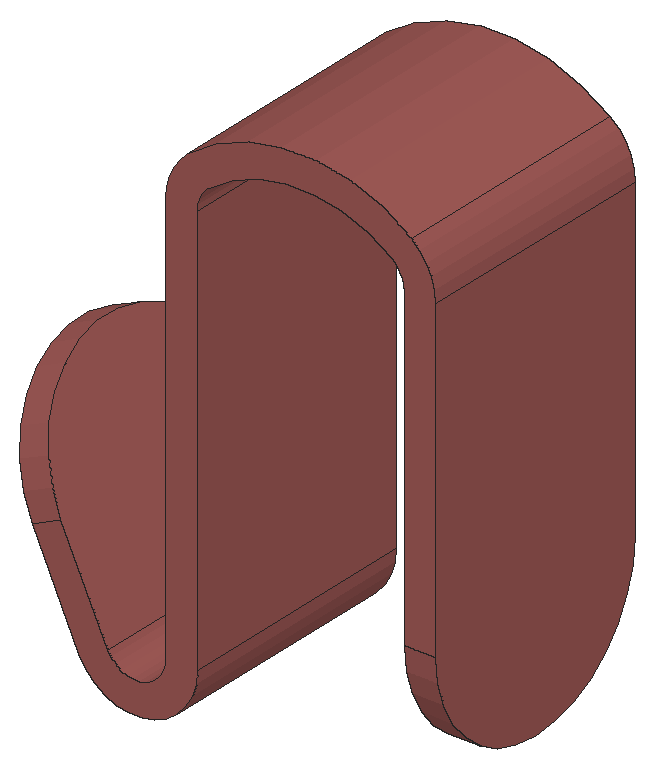
Revit family "Compliment-Teknion-NBAM_Banqs_Repositionable_Coat_Hook-R2019", category Furniture, Revit 2020
Family settings
  OmniClass Number = 23.40.20.00
  OmniClass Title = General Furniture and Specialties
  Work Plane-Based = No
  Always vertical = Yes
  Cut with Voids When Loaded = No
  Shared = Yes
  Room Calculation Point = No
Parameters (values of type "Repositionable Coat Hook")
  Warranty = "http://www.teknion.com/ca/papers/legal-canada"
  Unit Weight URL = "http://www.teknion.com/ca/tools/assets#&asset=bee6a381-b954-425e-8283-5a2de3a804f2,f828d448-4b62-4231-9e5f-9a8991c0ed77"
  URL = "www.teknion.com"
  To render please download texture images found here [instance] = "https://assets.teknion.com/web/5e81352c1dfdb467/revit-material-swatches/"
  Sustainability Data = "https://www.teknion.com/ca/tools/assets#&topic=216f99a5-57a0-44fc-b10a-9dee9b29ae4c&asset=444deb64-fe58-4b68-981e-f75e97781df7,b4ff2d81-9f2e-437d-9659-7cffb09c31cf"
  Series = "Soft Seating"  # constant formula
  Product Page URL = "https://www.teknion.com/ca/products/product-details?productlineid=2c7ddb6e-8e7a-673b-a6c8-ff05004460c4"
  Product Line = "Banqs"  # constant formula
  Product Documentation Link = "https://www.teknion.com/pricing/seating/pdfs/Banqs_ppg.pdf"
  Part Number = "NBAM"  # constant formula
  Paint Finish [instance] = Paint - Teknion - Accent - Crimson
  Model = "NBAM01"
  Manufacturer Phone = "416-661-3370"  # constant formula
  Manufacturer Fax = "416.661.4586"  # constant formula
  Manufacturer Contact Information = "http://www.teknion.com/ca/contactus"
  Manufacturer Address = "1150 Flint Road, Toronto, ON. M3J 2J5. Canada"  # constant formula
  Manufacturer = "Teknion"  # constant formula
  How To Use Teknion Materials User Guide [instance] = "https://assets.teknion.com/m/205dd0a49fa58060/original/How-to-add-a-Material-Library-and-Texture-Images-to-your-Revit-project.pdf"
  For Additional Finishes please visit [instance] = "https://assets.teknion.com/m/44a8009b046e5d47/original/Teknion_Materials_Library.zip"
  Description = "Repositionable Coat Hook, Application with Fabric Screen"
  Default Elevation = 0.000"
  Assembly Code = "E2020200"
Reference planes (in)
  plane 1 "Center Front/Back": y = -136.66124
  plane 2: z = 0
  plane 3 "Center Left/Right": x = 149.27793
  plane 4 "Left": x = 147.90129
  plane 5 "Right": x = 150.65458
  plane 6 "Back": y = -135.91124
  plane 7 "Front": y = -137.41124
  plane 8 "Top": z = 63
Forms (in)
  Sweep 1, solid, material "Paint - Teknion - Accent - Crimson" <- "Paint Finish"
    path origin (0, -136.66124, 0) x (1, 0, 0) y (0, 0, 1)
      loop
        line (150.46458, 41.72697) -> (150.46458, 43.63974)
        arc (150.46458, 43.63974) -> (150.4449, 43.72393) -> (150.38993, 43.79067) r 0.1899
        arc (150.38993, 43.79067) -> (149.8323, 43.97657) -> (149.27793, 43.78114) r 0.90604
        arc (149.27793, 43.78114) -> (149.23114, 43.71721) -> (149.21458, 43.63974) r 0.18946
        line (149.21458, 43.63974) -> (149.21458, 41.15197)
        arc (149.21458, 41.15197) -> (148.92074, 40.78586) -> (148.49971, 40.99349) r 0.375
        line (148.49971, 40.99349) -> (148.21818, 41.59724)
    profile origin (148.35895, -136.66124, 41.29536) x (-0.906308, 0, -0.422618) y (0, -1, 0)
      loop
        line (-0.19, -0.75) -> (0, -0.75) -> (0, 0.74768) -> (-0.19, 0.74768) -> (-0.19, -0.75)
  Sweep 2, solid, material "Paint - Teknion - Accent - Crimson" <- "Paint Finish"
    path origin (0, -136.66124, 0) x (1, 0, 0) y (0, 0, 1)
      loop
        line (150.65458, 41.72697) -> (150.46458, 41.72697)
    profile origin (150.55958, -136.66124, 41.72697) x (0, 0, -1) y (0, -1, 0)
      loop
        line (0, 0.74768) -> (0, -0.75)
        arc (0, -0.75) -> (0.74884, -0.00116) -> (0, 0.74768) r 0.74884
  Sweep 3, solid, material "Paint - Teknion - Accent - Crimson" <- "Paint Finish"
    path origin (-5.78362, -136.66124, 15.82564) x (0.906308, 0, 0.422618) y (-0.422618, 0, 0.906308)
      loop
        line (150.65458, -41.72697) -> (150.46458, -41.72697)
    profile origin (148.30428, -136.66124, 41.63739) x (0.422618, 0, -0.906308) y (0, -1, 0)
      loop
        arc (0, 0.74768) -> (-0.74884, -0.00116) -> (0, -0.75) r 0.74884
        line (0, -0.75) -> (0, 0.74768)
Cuts and joins
  joined: Sweep 1, Sweep 2, Sweep 3
Lines and regions (in)
  Masking region 1
    outline origin (0, 0, 0) x (1, 0, 0) y (0, 1, 0)
      loop
        line (150.65458, -137.40892) -> (150.65458, -135.91124) -> (148.21818, -135.91124)
        spline (148.21818, -135.91124) -> (148.13629, -135.93676) -> (148.05999, -136.01157) -> (147.99446, -136.13057) -> (147.94418, -136.28566) -> (147.91257, -136.46627) -> (147.90179, -136.66008) -> (147.91257, -136.8539) -> (147.94418, -137.0345) -> (147.99446, -137.18959) -> (148.05999, -137.3086) -> (148.13629, -137.38341) -> (148.21818, -137.40892)
        line (148.21818, -137.40892) -> (150.65458, -137.40892)
  symbolic lines
    curve 1: spline (148.39038, -137.40892, 0) -> (148.3082, -137.38341, 0) -> (148.23162, -137.3086, 0) -> (148.16585, -137.18959, 0) -> (148.11539, -137.0345, 0) -> (148.08367, -136.8539, 0) -> (148.07285, -136.66008, 0) -> (148.08367, -136.46627, 0) -> (148.11539, -136.28566, 0) -> (148.16585, -136.13057, 0) -> (148.23162, -136.01157, 0) -> (148.3082, -135.93676, 0) -> (148.39038, -135.91124, 0)
    curve 2: line (149.15621, -135.91124, 0) -> (149.15621, -137.40892, 0)
    curve 3: line (149.02458, -135.91124, 0) -> (149.02458, -137.40892, 0)
    curve 4: line (148.39038, -135.91124, 0) -> (148.67191, -135.91124, 0)
    curve 5: line (148.67191, -137.40892, 0) -> (148.39038, -137.40892, 0)
  symbolic lines, style "FurnitureHiddenLines", detail levels medium+fine
    curve 6: line (149.27793, -137.40892, 0) -> (149.27793, -135.91124, 0)
    curve 7: line (150.46458, -135.91124, 0) -> (150.46458, -137.40892, 0)
  reference lines
    curve 8: line (147.90129, -135.91124, 0) -> (150.65458, -135.91124, 0)
    curve 9: line (147.90129, -135.91124, 0) -> (147.90129, -137.41124, 0)
    curve 10: line (147.90129, -137.41124, 0) -> (150.65458, -137.41124, 0)
    curve 11: line (150.65458, -135.91124, 0) -> (150.65458, -137.41124, 0)
Dimensions and locks (in)
  plane 4 "Left" to plane 5 "Right" = 2.75329"
  plane 6 "Back" to plane 7 "Front" = 1.500"
  plane 8 "Top" to level = 63.000"
  equal spacing: plane 6 "Back", plane 1 "Center Front/Back", plane 7 "Front"
  equal spacing: plane 4 "Left", plane 3 "Center Left/Right", plane 5 "Right"
  aligned and locked: level to plane 2
  aligned and locked: curve 8 to plane 6 "Back"
  aligned and locked: curve 9 to plane 4 "Left"
  aligned and locked: curve 10 to plane 7 "Front"
  aligned and locked: curve 11 to plane 5 "Right"
Automatic sketch dimensions
  Sweep 1 sketch curve to plane 3 "Center Left/Right" = 0.000"
  Sweep 1 sketch curve to plane 3 "Center Left/Right" = 0.06335"
  Sweep 1 sketch curve to Sweep 1 sketch curve = 0.375"
  Sweep 1 sketch curve to Sweep 1 sketch curve = 0.33987"
  plane 3 "Center Left/Right" to Sweep 1 sketch curve = 0.12611"
  plane 3 "Center Left/Right" to Sweep 1 sketch curve = 0.56213"
  plane 5 "Right" to Sweep 1 sketch curve = 0.3799"
  Sweep 1 sketch curve to Sweep 1 sketch curve = 0.1899"
  Sweep 1 sketch curve to plane 8 "Top" = 22.00651"
  Sweep 1 sketch curve to Sweep 1 sketch curve = 1.91859"
  Sweep 1 sketch curve to Sweep 1 sketch curve = 0.56918"  (x2)
  plane 4 "Left" to Sweep 1 sketch curve = 0.31689"
  Sweep 1 sketch curve to Sweep 1 sketch curve = 0.60375"
  Sweep 1 sketch curve to Sweep 1 sketch curve = 0.575"
  Sweep 1 sketch curve to profile plane = 0.000"
  profile plane to Sweep 1 sketch curve = 0.190"
  Sweep 1 sketch curve to plane 1 "Center Front/Back" = 0.750"
  plane 1 "Center Front/Back" to Sweep 1 sketch curve = 0.74768"
  Sweep 2 sketch curve to profile plane = 0.000"
  Sweep 2 sketch curve to plane 1 "Center Front/Back" = 0.750"
  Sweep 2 sketch curve to plane 1 "Center Front/Back" = 0.00116"
  plane 4 "Left" to Sweep 3 sketch curve = 0.31689"
  Sweep 3 sketch curve to plane 8 "Top" = 21.40276"
  Sweep 3 sketch curve to Sweep 3 sketch curve = 0.190"
  Sweep 3 sketch curve to profile plane = 0.000"
  Sweep 3 sketch curve to profile plane = 0.750"
  Sweep 3 sketch curve to profile plane = 0.00116"
  Masking region 1 sketch curve to plane 6 "Back" = 0.000"
  Masking region 1 sketch curve to plane 5 "Right" = 0.000"
  Masking region 1 sketch curve to plane 1 "Center Front/Back" = 0.00116"
  plane 4 "Left" to Masking region 1 sketch curve = 0.31689"
  curve 3 to plane 6 "Back" = 0.000"
  curve 2 to plane 6 "Back" = 0.000"
  plane 4 "Left" to curve 1 = 0.48909"
  curve 3 to plane 3 "Center Left/Right" = 0.25335"
  curve 2 to plane 7 "Front" = 0.00232"
  curve 2 to plane 3 "Center Left/Right" = 0.12172"
  curve 3 to plane 7 "Front" = 0.00232"
  curve 1 to plane 1 "Center Front/Back" = 0.00116"
  curve 4 to curve 4 = 0.28153"
  curve 5 to curve 5 = 0.28153"
  curve 4 to plane 6 "Back" = 0.000"
Nested families (in)
  nested 1: "Teknion_2D_Node_Family-R2016" at (150, -150, 0), type "Teknion_2D_Node_Family-R2016"
Definition of nested family "Teknion_2D_Node_Family-R2016"
  Reference planes (in)
    plane 1 "Center (Front/Back)": y = 0
    plane 2: z = 0
    plane 3 "Center (Left/Right)": x = 0
  Lines and regions (in)
    detail lines, in view "Ref. Level"
      curve 1: circle (0, 0, 0) r 1.25 normal (0, 0, 1)
      curve 2: line (1.91508, -1.91508, 0) -> (-1.91508, 1.91508, 0)
      curve 3: line (-1.91508, -1.91508, 0) -> (1.91508, 1.91508, 0)
